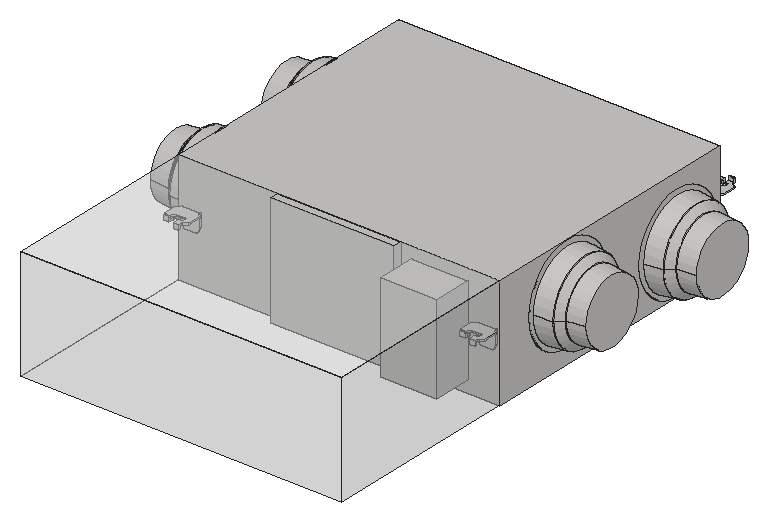
Revit family "outputfile", category 機械設備, Revit 2024
Family settings
  丸型コネクタ寸法 = 半径を使用
  パーツ タイプ = 標準
  OmniClass 番号 = 23.75.10.34.21
  OmniClass タイトル = Heat Exchangers for Ventilation Air
  作業面ベース = いいえ
  常に垂直 = はい
  ロード時にボイドで切り取り = いいえ
  注釈の向きを維持 = いいえ
  共有 = いいえ
  部屋計算ポイント = はい
Parameters (values of type "VAM650HVE")
  Description = ""
  製造元 = "Daikin"
  書き出し IFC クラス(タイプ) = "IfcAirToAirHeatRecoveryType"
  定義済み IFC タイプ(タイプ) = "ROTARYWHEEL"
  Cost = 0
  モデル = "VAM650HVE"
  Type Comments = ""
  Keynote = ""
  Type Image = (empty or 0)
  Assembly Code = ""
  w_maintenacecover = 372.0 mm
  r3_airconnection_top = 98.0 mm
  r2_airconnection_top = 103.0 mm
  r1_airconnection_top = 125.0 mm
  r1_airconnection_bottom = 132.0 mm
  r0_airconnection = 146.0 mm
  lw_powersuply = 182.0 mm
  Voltage_comment_60Hz = "220-240"
  Voltage_comment_50Hz = "220-240"
  Voltage_60Hz = 220 V
  Voltage_50Hz = 220 V
  URL = ""
  Phase_60Hz = 1
  Phase_50Hz = 1
  Minimum External Static Pressure = 108.00 Pa
  Minimum Circuit Amps_60Hz = 2.7 A
  Minimum Circuit Amps_50Hz = 2.7 A
  Maximum Fuse Amps_60Hz = 15.0 A
  Maximum Fuse Amps_50Hz = 15.0 A
  Maximum External Static Pressure = 190.00 Pa
  Material_Casing = DAIKIN_GalvanizedSteel_Casing_indoorunit
  lw_mountinghole_Left = 448.5 mm
  lw_mountinghole = 897.0 mm
  w_controlbox_right = 97.0 mm
  w_controlbox = 170.0 mm
  r_SAduct = SA Duct Size Diameter / 2  # 100.0 mm
  r_RAduct = RA Duct Size Diameter / 2  # 100.0 mm
  r_OAduct = OA Duct Size Diameter / 2  # 100.0 mm
  r_EAduct = EA Duct Size Diameter / 2  # 100.0 mm
  lh_powersuply = 169.0 mm
  lh_mounting = lh_mountinghole + [h***]  # 203.0 mm
  h_controlbox_top = 34.5 mm
  lh_antena = Height - lh_mountinghole + 1.0 mm  # 136.0 mm
  lh_SA = 193.0 mm
  lh_RA = 149.0 mm
  lh_OA = 193.0 mm
  lh_EA = 193.0 mm
  ld_SA = 252.0 mm
  ld_RA = 162.0 mm
  ld_OA = 162.0 mm
  ld_EA = 252.0 mm
  lh_mountinghole = 203.0 mm
  h_controlbox = 269.0 mm
  h*** = 0.0 mm  # constant formula
  d_total_airconnection = d1_airconnection + d2_airconnection + d3_airconnection  # 137.0 mm
  d_maintenacecover = 26.0 mm
  ld_mountinghole = 932.0 mm
  d_controlbox = 117.0 mm
  d3_airconnection = 58.0 mm
  d2_airconnection = 20.0 mm
  d1_airconnection = 59.0 mm
  d0_airconnection = 2.0 mm
  Width = 973.0 mm
  Version = "ver.1.0"
  Unit Type = "Heat Recovery Ventilator"
  Unit Mass Weight = 43.00 kg
  Unit Designation [instance] = ""
  Uniclass2015Version = "Products v1.30"
  Uniclass2015Title = "Thermal wheels"
  Uniclass2015Code = "Pr_60_60_36_88"
  Temperature exchange efficiency (Heating) = 74.50%
  Temperature exchange efficiency (Cooling) = 59.50%
  Supply Air Direction [instance] = yes
  Sound Pressure Level_M speed (dBA) = 36
  Sound Pressure Level_L speed (dBA) = 34
  Sound Pressure Level_H speed (dBA) = 37.5
  Series = "VRV Fan Coil Unit"
  SA Duct Size Diameter = 200.0 mm
  Refrigerant Type = ""
  RA Duct Size Diameter = 200.0 mm
  Option Accessory 3 [instance] = ""
  Option Accessory 2 [instance] = ""
  Option Accessory 1 [instance] = ""
  OA Duct Size Diameter = 200.0 mm
  Nominal Airflow = 650.00 m³/h
  Minimum Airflow = 200.00 m³/h
  Median Airflow = 0.00 m³/h
  Maximum Airflow = 1020.00 m³/h
  Load Classification = HVAC
  Link_Nested Family [instance] = ""
  IfcVersion = "0"
  IfcExportType = "ROTARYWHEEL"
  IfcExportAs = "IfcAirToAirHeatRecoveryType"
  Height = 338.0 mm
  Heating Entering Wet Bulb Temperature [instance] = 0.00 °C
  Heating Entering Dry Bulb Temperature [instance] = 0.00 °C
  Heating Ambient Wet Bulb Temperature [instance] = 0.00 °C
  Heating Ambient Dry Bulb Temperature [instance] = 0.00 °C
  Frequency_60Hz = 60 Hz
  Frequency_50Hz = 50 Hz
  Fan Type = "Sirocco Fan"
  Fan Drive = "Direct Drive"
  FCU Tag No. [instance] = ""
  Enthalpy exchange efficiency (Heating) = 68.00%
  Enthalpy exchange efficiency (Cooling) = 60.00%
  EA Duct Size Diameter = 200.0 mm
  Design Supply Airflow [instance] = 0.00 m³/h
  Design Return Airflow [instance] = 0.00 m³/h
  Design Outdoor Airflow [instance] = 0.00 m³/h
  Design External Static Pressure [instance] = 0.00 Pa
  Design Exhaust Airflow [instance] = 0.00 m³/h
  Depth = 832.0 mm
  既定の高さ = 0.0 mm
  Cooling Entering Wet Bulb Temperature [instance] = 0.00 °C
  Cooling Entering Dry Bulb Temperature [instance] = 0.00 °C
  Cooling Ambient Wet Bulb Temperature [instance] = 0.00 °C
  Cooling Ambient Dry Bulb Temperature [instance] = 0.00 °C
  Clearance visibility [instance] = yes
  Clearance Top = 0.0 mm
  Clearance Right = 0.0 mm
  Clearance Rear = 0.0 mm
  Clearance Left = 0.0 mm
  Clearance Front = 600.0 mm
  Clearance Bottom = 0.0 mm
Reference planes
  plane 1 "Center (Front/Back)": y = 0
  plane 2: z = 0
  plane 3 "Center (Left/Right)": x = 0
  plane 4 "Back": y = 416
  plane 5 "Front": y = -416
  plane 6 "Left": x = -486.5
  plane 7 "Right": x = 486.5
  plane 8 "Top": z = 0
  plane 9 "mountinghole_Left": x = -448.5
  plane 10 "mountinghole_Right": x = 448.5
  plane 11 "mountinghole_Back": y = 466
  plane 12 "mountinghole_Front": y = -466
  plane 13 "Center (Elevation)": z = -169
  plane 14 "h_mountinghole": z = -135
  plane 15 "w_maintenacecover_left": x = -186
  plane 16 "w_maintenacecover_right": x = 186
  plane 17 "Clearance Front": y = -1016
  plane 18 "Clearance Left": x = -486.5
  plane 19 "Clearance Right": x = 486.5
  plane 20 "Clearance Rear": y = 416
  plane 21 "Clearance Top": z = 0
  plane 22 "Clearance Bottom": z = -338
  plane 23 "d_maintenacecover": y = -442
  plane 24 "d_controlbox": y = -533
  plane 25 "w_controlbox_left": x = 219.5
  plane 26 "w_controlbox_right": x = 389.5
  plane 27 "Bottom": z = -338
  plane 28 "h_controlbox_top": z = -34.5
  plane 29 "h_controlbox_bottom": z = -303.5
  plane 30 "lh_OA": z = -145
  plane 31 "lh_EA": z = -145
  plane 32 "lh_SA": z = -145
  plane 33 "lh_RA": z = -189
  plane 34 "ld_EA": y = 164
  plane 35 "ld_OA": y = -254
  plane 36 "ld_RA": y = 254
  plane 37 "ld_SA": y = -164
  plane 38 "lw_powersuply": x = 304.5
  plane 39: z = 59.955
  plane 40 "lh_powersuply": z = -169
Forms (mm)
  Extrusion 1, solid, material "DAIKIN_GalvanizedSteel_Casing_indoorunit" <- "Material_Casing"
    sketch origin (0, 0, 200) x (1, 0, 0) y (0, 1, 0)
      loop
        line (-486.5, 416) -> (-486.5, -416) -> (486.5, -416) -> (486.5, 416) -> (-486.5, 416)
    from -538 to -200
  Extrusion 2, solid, material "DAIKIN_GalvanizedSteel_Casing_indoorunit" <- "Material_Casing"
    sketch origin (0, 0, 0) x (1, 0, 0) y (0, 1, 0)
      loop
        line (-186, -416) -> (-186, -442) -> (186, -442) -> (186, -416) -> (-186, -416)
    from -338 to 0
  Extrusion 3, solid, material "DAIKIN_GalvanizedSteel_Casing_indoorunit" <- "Material_Casing"
    sketch origin (0, 0, 0) x (1, 0, 0) y (0, 1, 0)
      loop
        line (219.5, -416) -> (219.5, -533) -> (389.5, -533) -> (389.5, -416) -> (219.5, -416)
    from -303.5 to -34.5
Dimensions and locks
  equal spacing: plane 6 "Left", plane 3 "Center (Left/Right)", plane 7 "Right"
  "Width": plane 6 "Left" to plane 7 "Right"
  equal spacing: plane 4 "Back", plane 1 "Center (Front/Back)", plane 5 "Front"
  "Depth": plane 4 "Back" to plane 5 "Front"
  "lw_mountinghole": plane 9 "mountinghole_Left" to plane 10 "mountinghole_Right"
  equal spacing: plane 11 "mountinghole_Back", plane 1 "Center (Front/Back)", plane 12 "mountinghole_Front"
  "ld_mountinghole": plane 11 "mountinghole_Back" to plane 12 "mountinghole_Front"
  "Clearance Front": plane 5 "Front" to plane 17 "Clearance Front"
  "Clearance Left": plane 18 "Clearance Left" to plane 6 "Left"
  "Clearance Right": plane 7 "Right" to plane 19 "Clearance Right"
  "Clearance Rear": plane 4 "Back" to plane 20 "Clearance Rear"
  "w_controlbox_right": plane 26 "w_controlbox_right" to plane 7 "Right"
  "w_controlbox": plane 25 "w_controlbox_left" to plane 26 "w_controlbox_right"
  equal spacing: plane 15 "w_maintenacecover_left", plane 3 "Center (Left/Right)", plane 16 "w_maintenacecover_right"
  "w_maintenacecover": plane 15 "w_maintenacecover_left" to plane 16 "w_maintenacecover_right"
  "lh_mountinghole": plane 14 "h_mountinghole" to plane 27 "Bottom"
  "Height": plane 8 "Top" to plane 27 "Bottom"
  equal spacing: plane 8 "Top", plane 13 "Center (Elevation)", plane 27 "Bottom"
  "Clearance Top": plane 21 "Clearance Top" to plane 8 "Top"
  "Clearance Bottom": plane 27 "Bottom" to plane 22 "Clearance Bottom"
  "h_controlbox": plane 28 "h_controlbox_top" to plane 29 "h_controlbox_bottom"
  "d_controlbox": plane 5 "Front" to plane 24 "d_controlbox"
  "d_maintenacecover": plane 5 "Front" to plane 23 "d_maintenacecover"
  "lh_SA": plane 32 "lh_SA" to plane 27 "Bottom"
  "lh_RA": plane 33 "lh_RA" to plane 27 "Bottom"
  "ld_OA": plane 35 "ld_OA" to plane 5 "Front"
  "ld_EA": plane 4 "Back" to plane 34 "ld_EA"
  "ld_RA": plane 4 "Back" to plane 36 "ld_RA"
  "ld_SA": plane 37 "ld_SA" to plane 5 "Front"
  "lh_EA": plane 31 "lh_EA" to plane 27 "Bottom"
  "lh_OA": plane 30 "lh_OA" to plane 27 "Bottom"
  "h_controlbox_top": plane 8 "Top" to plane 28 "h_controlbox_top"
  "lw_mountinghole_Left": plane 9 "mountinghole_Left" to plane 3 "Center (Left/Right)"
  plane 3 "Center (Left/Right)" to plane 10 "mountinghole_Right" = 448.5 mm
  "lw_powersuply": plane 38 "lw_powersuply" to plane 7 "Right"
  "lh_powersuply": plane 40 "lh_powersuply" to plane 27 "Bottom"
  aligned and locked: level to plane 2
  aligned and locked: Extrusion 1 sketch curve to plane 4 "Back"
  aligned and locked: plane 6 "Left" to Extrusion 1 sketch curve
  aligned and locked: plane 5 "Front" to Extrusion 1 sketch curve
  aligned and locked: Extrusion 1 sketch curve to plane 7 "Right"
  aligned and locked: plane 8 "Top" to Extrusion 1
  aligned and locked: nested 1 to plane 10 "mountinghole_Right"
  aligned and locked: nested 1 to plane 5 "Front"
  aligned and locked: nested 2 to plane 9 "mountinghole_Left"
  aligned and locked: nested 2 to plane 5 "Front"
  aligned and locked: plane 4 "Back" to nested 3
  aligned and locked: plane 10 "mountinghole_Right" to nested 3
  aligned and locked: nested 4 to plane 9 "mountinghole_Left"
  aligned and locked: plane 4 "Back" to nested 4
  aligned and locked: nested 6 to plane 10 "mountinghole_Right"
  aligned and locked: nested 6 to plane 11 "mountinghole_Back"
  aligned and locked: plane 9 "mountinghole_Left" to nested 7
  aligned and locked: nested 7 to plane 11 "mountinghole_Back"
  aligned and locked: nested 8 to plane 9 "mountinghole_Left"
  aligned and locked: plane 12 "mountinghole_Front" to nested 8
  aligned and locked: plane 12 "mountinghole_Front" to nested 9
  aligned and locked: nested 9 to plane 10 "mountinghole_Right"
  aligned and locked: plane 14 "h_mountinghole" to nested 3
  aligned and locked: plane 14 "h_mountinghole" to nested 1
  aligned and locked: plane 14 "h_mountinghole" to nested 4
  aligned and locked: plane 14 "h_mountinghole" to nested 2
  aligned and locked: nested 5 to plane 17 "Clearance Front"
  aligned and locked: nested 5 to plane 18 "Clearance Left"
  aligned and locked: nested 5 to plane 19 "Clearance Right"
  aligned and locked: nested 5 to plane 20 "Clearance Rear"
  aligned and locked: nested 5 to plane 22 "Clearance Bottom"
  aligned and locked: nested 5 to plane 21 "Clearance Top"
  aligned and locked: plane 27 "Bottom" to Extrusion 1
  aligned and locked: plane 23 "d_maintenacecover" to Extrusion 2 sketch curve
  aligned and locked: plane 16 "w_maintenacecover_right" to Extrusion 2 sketch curve
  aligned and locked: plane 15 "w_maintenacecover_left" to Extrusion 2 sketch curve
  aligned and locked: Extrusion 2 sketch curve to plane 5 "Front"
  aligned and locked: plane 8 "Top" to Extrusion 2
  aligned and locked: Extrusion 2 to plane 27 "Bottom"
  aligned and locked: plane 24 "d_controlbox" to Extrusion 3 sketch curve
  aligned and locked: plane 25 "w_controlbox_left" to Extrusion 3 sketch curve
  aligned and locked: Extrusion 3 sketch curve to plane 5 "Front"
  aligned and locked: Extrusion 3 sketch curve to plane 26 "w_controlbox_right"
  aligned and locked: plane 28 "h_controlbox_top" to Extrusion 3
  aligned and locked: plane 29 "h_controlbox_bottom" to Extrusion 3
  aligned and locked: nested 10 to plane 34 "ld_EA"
  aligned and locked: nested 10 to plane 6 "Left"
  aligned and locked: nested 11 to plane 35 "ld_OA"
  aligned and locked: nested 11 to plane 6 "Left"
  aligned and locked: plane 36 "ld_RA" to nested 12
  aligned and locked: plane 7 "Right" to nested 12
  aligned and locked: plane 37 "ld_SA" to nested 13
  aligned and locked: plane 7 "Right" to nested 13
  aligned and locked: plane 32 "lh_SA" to nested 13
  aligned and locked: plane 33 "lh_RA" to nested 12
  aligned and locked: plane 30 "lh_OA" to nested 11
  aligned and locked: plane 31 "lh_EA" to nested 10
  aligned and locked: plane 37 "ld_SA" to nested 15
  aligned and locked: plane 7 "Right" to nested 15
  aligned and locked: plane 36 "ld_RA" to nested 16
  aligned and locked: plane 7 "Right" to nested 16
  aligned and locked: nested 18 to plane 34 "ld_EA"
  aligned and locked: nested 17 to plane 35 "ld_OA"
  aligned and locked: nested 18 to plane 6 "Left"
  aligned and locked: nested 17 to plane 6 "Left"
  aligned and locked: plane 31 "lh_EA" to nested 17
  aligned and locked: nested 18 to plane 31 "lh_EA"
  aligned and locked: nested 16 to plane 33 "lh_RA"
  aligned and locked: nested 15 to plane 32 "lh_SA"
  aligned and locked: plane 37 "ld_SA" to nested 14
  aligned and locked: nested 19 to plane 38 "lw_powersuply"
  aligned and locked: nested 19 to plane 5 "Front"
  aligned and locked: plane 40 "lh_powersuply" to nested 19
  aligned and locked: level to plane 8 "Top"
Nested families
  nested 1: "daikin_hangerfixture_VAM-HVE_150-1000" at (448.5, -416, -135), type "daikin_hangerfixture_VAM-HVE_150-1000"
  nested 2: "daikin_hangerfixture_VAM-HVE_150-1000" at (-448.5, -416, -135), type "daikin_hangerfixture_VAM-HVE_150-1000"
  nested 3: "daikin_hangerfixture_VAM-HVE_150-1000" at (448.5, 416, -135) x (-1, 0, 0) z (0, 0, 1), type "daikin_hangerfixture_VAM-HVE_150-1000"
  nested 4: "daikin_hangerfixture_VAM-HVE_150-1000" at (-448.5, 416, -135) x (-1, 0, 0) z (0, 0, 1), type "daikin_hangerfixture_VAM-HVE_150-1000"
  nested 5: "daikin_clearancespace" at (0, -300, -168.881), visible <- "Clearance visibility", show <- "Clearance visibility", Link_Nested Family <- "Link_Nested Family", type "daikin_clearancespace"
    with width 973.0 mm, show yes, height 338.0 mm, depth 1432.0 mm, Link_Nested Family ""
  nested 6: "daikin_mountinghole" at (448.5, 466, -338), l_antenna <- "lh_antena", Link_Nested Family <- "Link_Nested Family", h_mountinghole <- "lh_mounting", type "daikin_mountinghole"
    with show yes, l_antenna 136.0 mm, h_mountinghole 203.0 mm, Link_Nested Family ""
  nested 7: "daikin_mountinghole" at (-448.5, 466, -338), l_antenna <- "lh_antena", Link_Nested Family <- "Link_Nested Family", h_mountinghole <- "lh_mounting", type "daikin_mountinghole"
    with show yes, l_antenna 136.0 mm, h_mountinghole 203.0 mm, Link_Nested Family ""
  nested 8: "daikin_mountinghole" at (-448.5, -466, -338), l_antenna <- "lh_antena", Link_Nested Family <- "Link_Nested Family", h_mountinghole <- "lh_mounting", type "daikin_mountinghole"
    with show yes, l_antenna 136.0 mm, h_mountinghole 203.0 mm, Link_Nested Family ""
  nested 9: "daikin_mountinghole" at (448.5, -466, -338), l_antenna <- "lh_antena", Link_Nested Family <- "Link_Nested Family", h_mountinghole <- "lh_mounting", type "daikin_mountinghole"
    with show yes, l_antenna 136.0 mm, h_mountinghole 203.0 mm, Link_Nested Family ""
  nested 10: "daikin_airconnection_VAM-HVE_150-1000" at (-486.5, 164, -145) x (0, -1, 0) z (0, 0, 1), d0 <- "d0_airconnection", d1 <- "d1_airconnection", d2 <- "d2_airconnection", d3 <- "d3_airconnection", r0 <- "r0_airconnection", r1_bottom <- "r1_airconnection_bottom", r1_top <- "r1_airconnection_top", r2_top <- "r2_airconnection_top", r3_top <- "r3_airconnection_top", type "daikin_airconnection_VAM-HVE_150-1000"
    with r3_top 98.0 mm, r3_bottom 103.0 mm, r2_top 103.0 mm, r2_bottom 125.0 mm, r1_top 125.0 mm, r1_bottom 132.0 mm, r0 146.0 mm, d_total 137.0 mm, d3 58.0 mm, d2 20.0 mm, d1 59.0 mm, d0 2.0 mm
  nested 11: "daikin_airconnection_VAM-HVE_150-1000" at (-486.5, -254, -145) x (0, -1, 0) z (0, 0, 1), d0 <- "d0_airconnection", d1 <- "d1_airconnection", d2 <- "d2_airconnection", d3 <- "d3_airconnection", r0 <- "r0_airconnection", r1_bottom <- "r1_airconnection_bottom", r1_top <- "r1_airconnection_top", r2_top <- "r2_airconnection_top", r3_top <- "r3_airconnection_top", type "daikin_airconnection_VAM-HVE_150-1000"
    with r3_top 98.0 mm, r3_bottom 103.0 mm, r2_top 103.0 mm, r2_bottom 125.0 mm, r1_top 125.0 mm, r1_bottom 132.0 mm, r0 146.0 mm, d_total 137.0 mm, d3 58.0 mm, d2 20.0 mm, d1 59.0 mm, d0 2.0 mm
  nested 12: "daikin_airconnection_VAM-HVE_150-1000" at (486.5, 254, -189) x (0, 1, 0) z (0, 0, 1), d0 <- "d0_airconnection", d1 <- "d1_airconnection", d2 <- "d2_airconnection", d3 <- "d3_airconnection", r0 <- "r0_airconnection", r1_bottom <- "r1_airconnection_bottom", r1_top <- "r1_airconnection_top", r2_top <- "r2_airconnection_top", r3_top <- "r3_airconnection_top", type "daikin_airconnection_VAM-HVE_150-1000"
    with r3_top 98.0 mm, r3_bottom 103.0 mm, r2_top 103.0 mm, r2_bottom 125.0 mm, r1_top 125.0 mm, r1_bottom 132.0 mm, r0 146.0 mm, d_total 137.0 mm, d3 58.0 mm, d2 20.0 mm, d1 59.0 mm, d0 2.0 mm
  nested 13: "daikin_airconnection_VAM-HVE_150-1000" at (486.5, -164, -145) x (0, 1, 0) z (0, 0, 1), d0 <- "d0_airconnection", d1 <- "d1_airconnection", d2 <- "d2_airconnection", d3 <- "d3_airconnection", r0 <- "r0_airconnection", r1_bottom <- "r1_airconnection_bottom", r1_top <- "r1_airconnection_top", r2_top <- "r2_airconnection_top", r3_top <- "r3_airconnection_top", type "daikin_airconnection_VAM-HVE_150-1000"
    with r3_top 98.0 mm, r3_bottom 103.0 mm, r2_top 103.0 mm, r2_bottom 125.0 mm, r1_top 125.0 mm, r1_bottom 132.0 mm, r0 146.0 mm, d_total 137.0 mm, d3 58.0 mm, d2 20.0 mm, d1 59.0 mm, d0 2.0 mm
  nested 14: "daikin_△_symbolicline" at (0, -164, 338) x (0, 1, 0) z (0, 0, 1), built-in parameter 1001360 <- "Height", visible <- "Supply Air Direction", type "daikin_△_symbolicline"
    with length 300.0 mm
  nested 15: "daikin_connector_rotate2" at (486.5, -164, -145) x (0, 1, 0) z (0, 0, 1), length <- "d_total_airconnection", radius <- "r_SAduct", type "daikin_connector_rotate2"
    with radius 100.0 mm, length 137.0 mm, angle_vertical 90.00°, show_face no
  nested 16: "daikin_connector_rotate2" at (486.5, 254, -189) x (0, 1, 0) z (0, 0, 1), length <- "d_total_airconnection", radius <- "r_RAduct", type "daikin_connector_rotate2"
    with radius 100.0 mm, length 137.0 mm, angle_vertical 90.00°, show_face no
  nested 17: "daikin_connector_rotate2" at (-486.5, -254, -145) x (0, -1, 0) z (0, 0, 1), length <- "d_total_airconnection", radius <- "r_OAduct", type "daikin_connector_rotate2"
    with radius 100.0 mm, length 137.0 mm, angle_vertical 90.00°, show_face no
  nested 18: "daikin_connector_rotate2" at (-486.5, 164, -145) x (0, -1, 0) z (0, 0, 1), length <- "d_total_airconnection", radius <- "r_EAduct", type "daikin_connector_rotate2"
    with radius 100.0 mm, length 137.0 mm, angle_vertical 90.00°, show_face no
  nested 19: "daikin_connector_rotate2" at (304.5, -416, -169), length <- "d_controlbox", type "daikin_connector_rotate2"
    with radius 10.0 mm, length 117.0 mm, angle_vertical 90.00°, show_face no
Connectors
  hvac at (-623.5, 164, -145), driven by "r_EAduct"
    settings: on nested 18, index 1, duct flow 0.00 m³/h, flow factor 0, pres drop 0.00 Pa, loss coef 0, conn angle 0.00°, conn width 304.8 mm, conn height 304.8 mm, conn diameter 200.0 mm, duct sys type 3, conn prof type 0, flow config 0, flow direction 2, loss method 4, conn ref index -1, conn util no, is conn primary no, conn desc "EA Duct"
  hvac at (-623.5, -254, -145), driven by "r_OAduct"
    settings: on nested 17, index 2, duct flow 0.00 m³/h, flow factor 0, pres drop 0.00 Pa, loss coef 0, conn angle 0.00°, conn width 304.8 mm, conn height 304.8 mm, conn diameter 200.0 mm, duct sys type 1, conn prof type 0, flow config 0, flow direction 1, loss method 4, conn ref index -1, conn util no, is conn primary no, conn desc "OA Duct"
  hvac at (623.5, 254, -189), driven by "r_RAduct"
    settings: on nested 16, index 3, duct flow 0.00 m³/h, flow factor 0, pres drop 0.00 Pa, loss coef 0, conn angle 0.00°, conn width 304.8 mm, conn height 304.8 mm, conn diameter 200.0 mm, duct sys type 2, conn prof type 0, flow config 0, flow direction 1, loss method 4, conn ref index -1, conn util no, is conn primary no, conn desc "RA Duct"
  hvac at (623.5, -164, -145), driven by "r_SAduct"
    settings: on nested 15, index 4, duct flow 0.00 m³/h, flow factor 0, pres drop 0.00 Pa, loss coef 0, conn angle 0.00°, conn width 304.8 mm, conn height 304.8 mm, conn diameter 200.0 mm, duct sys type 1, conn prof type 0, flow config 0, flow direction 2, loss method 4, conn ref index -1, conn util no, is conn primary yes, conn desc "SA Duct"
  electrical at (304.5, -533, -169), driven by "Load Classification"
    settings: on nested 19, index 6, voltage 0 V, apparent load 0 VA, apparent load phase1 0 VA, apparent load phase2 0 VA, apparent load phase3 0 VA, power factor 1, load classification "HVAC", number of poles 1, system type 30, power factor state 1, is connector primary yes, connector utility no, sub classification motor no, connector description "Power Supply"
Definition of nested family "daikin_hangerfixture_VAM-HVE_150-1000"
  Parameters (values of type "daikin_hangerfixture_VAM")
    width = 76.0 mm
    material = none
    height = 0.0 mm
    depth = 75.0 mm
    Default Elevation = 0.0 mm
  Reference planes
    plane 1 "Center (Front/Back)": y = 0
    plane 2: z = 0
    plane 3 "Center (Left/Right)": x = 0
    plane 4: y = -75
    plane 5: x = -38
    plane 6: x = 38
    plane 7: z = -3.2
    plane 8: z = -57
    plane 9: x = -28
    plane 10: x = 28
    plane 11: y = -3.2
    plane 12: z = 11.8
    plane 13: z = -15
    plane 14: y = -71.8
    plane 15: y = -50
  Forms (mm)
    Extrusion 1, solid, material <- "material"
      sketch origin (0, 0, 0) x (1, 0, 0) y (0, 1, 0)
        loop
          line (-28, 0) -> (-28, -5)
          arc (-28, -5) -> (-29.464, -8.536) -> (-33, -10) r 5
          arc (-33, -10) -> (-36.536, -11.464) -> (-38, -15) r 5
          line (-38, -15) -> (-38, -52.597)
          arc (-38, -52.597) -> (-37.507, -54.763) -> (-36.123, -56.501) r 5
          line (-36.123, -56.501) -> (-24.877, -65.499)
          arc (-24.877, -65.499) -> (-23.493, -67.237) -> (-23, -69.403) r 5
          line (-23, -69.403) -> (-23, -75) -> (-7, -75) -> (-7, -60)
          arc (-7, -60) -> (-7.879, -57.879) -> (-10, -57) r 3
          line (-10, -57) -> (-13, -57)
          arc (-13, -57) -> (-20, -50) -> (-13, -43) r 7
          line (-13, -43) -> (13, -43)
          arc (13, -43) -> (20, -50) -> (13, -57) r 7
          line (13, -57) -> (10, -57)
          arc (10, -57) -> (7.879, -57.879) -> (7, -60) r 3
          line (7, -60) -> (7, -75) -> (23, -75) -> (23, -69.403)
          arc (23, -69.403) -> (23.493, -67.237) -> (24.877, -65.499) r 5
          line (24.877, -65.499) -> (36.123, -56.501)
          arc (36.123, -56.501) -> (37.507, -54.763) -> (38, -52.597) r 5
          line (38, -52.597) -> (38, -15)
          arc (38, -15) -> (36.536, -11.464) -> (33, -10) r 5
          arc (33, -10) -> (29.464, -8.536) -> (28, -5) r 5
          line (28, -5) -> (28, 0) -> (-28, 0)
      from 0 to -3.2
    Extrusion 2, solid, material <- "material"
      sketch origin (0, 0, 0) x (1, 0, 0) y (0, 0, 1)
        loop
          line (28, 0) -> (-28, 0) -> (-28, -38.882)
          arc (-28, -38.882) -> (-27.88, -39.973) -> (-27.524, -41.011) r 5
          line (-27.524, -41.011) -> (-21.351, -54.129)
          arc (-21.351, -54.129) -> (-19.506, -56.222) -> (-16.827, -57) r 5
          line (-16.827, -57) -> (16.827, -57)
          arc (16.827, -57) -> (19.506, -56.222) -> (21.351, -54.129) r 5
          line (21.351, -54.129) -> (27.524, -41.011)
          arc (27.524, -41.011) -> (27.88, -39.973) -> (28, -38.882) r 5
          line (28, -38.882) -> (28, 0)
      from 0 to 3.2
    Extrusion 3, solid, material <- "material"
      sketch origin (0, 0, 0) x (1, 0, 0) y (0, 0, 1)
        loop
          line (-23, -3.2) -> (-7, -3.2) -> (-7, 8.8)
          arc (-7, 8.8) -> (-7.879, 10.921) -> (-10, 11.8) r 3
          line (-10, 11.8) -> (-20, 11.8)
          arc (-20, 11.8) -> (-22.121, 10.921) -> (-23, 8.8) r 3
          line (-23, 8.8) -> (-23, -3.2)
        loop
          line (7, 0) -> (7, -12)
          arc (7, -12) -> (7.879, -14.121) -> (10, -15) r 3
          line (10, -15) -> (20, -15)
          arc (20, -15) -> (22.121, -14.121) -> (23, -12) r 3
          line (23, -12) -> (23, 0) -> (7, 0)
      from 71.8 to 75
  Cuts and joins
    joined: Extrusion 1, Extrusion 2, Extrusion 3
  Dimensions and locks
    "depth": plane 4 to plane 1 "Center (Front/Back)"
    equal spacing: plane 5, plane 3 "Center (Left/Right)", plane 6
    "width": plane 5 to plane 6
    plane 2 to plane 7 = 3.2 mm
    locked: plane 2 to plane 8 at 57
    locked: plane 9 to plane 10 at 56
    equal spacing: plane 9, plane 3 "Center (Left/Right)", plane 10
    locked: plane 11 to plane 1 "Center (Front/Back)" at 3.2
    locked: plane 12 to plane 7 at 15
    locked: plane 2 to plane 13 at 15
    plane 14 to plane 4 = 3.2 mm
    aligned and locked: level to plane 2
    aligned and locked: plane 1 "Center (Front/Back)" to Extrusion 1 sketch curve
    aligned and locked: plane 4 to Extrusion 1 sketch curve  (x2)
    aligned and locked: Extrusion 1 to plane 5
    aligned and locked: plane 6 to Extrusion 1
    aligned and locked: Extrusion 1 to plane 7
    aligned and locked: Extrusion 2 sketch curve to plane 2
    aligned and locked: Extrusion 2 to plane 8
    aligned and locked: plane 9 to Extrusion 2
    aligned and locked: Extrusion 2 to plane 10
    aligned and locked: Extrusion 2 to plane 1 "Center (Front/Back)"
    aligned and locked: Extrusion 2 to plane 11
    aligned and locked: Extrusion 3 sketch curve to plane 7
    aligned and locked: Extrusion 3 sketch curve to plane 2
    aligned and locked: Extrusion 3 to plane 12
    aligned and locked: Extrusion 3 to plane 13
    aligned and locked: Extrusion 3 to plane 4
    aligned and locked: plane 14 to Extrusion 3
  Automatic sketch dimensions
    plane 3 "Center (Left/Right)" to Extrusion 1 sketch curve = 28.0 mm
    plane 1 "Center (Front/Back)" to Extrusion 1 sketch curve = 5.0 mm
    Extrusion 1 sketch curve to Extrusion 1 sketch curve = 5.0 mm  (x8)
    plane 4 to Extrusion 1 sketch curve = 22.403 mm
    Extrusion 1 sketch curve to Extrusion 1 sketch curve = 1.877 mm  (x2)
    plane 4 to Extrusion 1 sketch curve = 9.501 mm
    Extrusion 1 sketch curve to Extrusion 1 sketch curve = 11.247 mm  (x2)
    Extrusion 1 sketch curve to Extrusion 1 sketch curve = 3.123 mm  (x2)
    Extrusion 1 sketch curve to Extrusion 1 sketch curve = 3.904 mm  (x2)
    plane 3 "Center (Left/Right)" to Extrusion 1 sketch curve = 7.0 mm
    plane 4 to Extrusion 1 sketch curve = 15.0 mm
    Extrusion 1 sketch curve to Extrusion 1 sketch curve = 3.0 mm  (x4)
    Extrusion 1 sketch curve to Extrusion 1 sketch curve = 7.0 mm  (x2)
    Extrusion 1 sketch curve to plane 3 "Center (Left/Right)" = 13.0 mm
    Extrusion 1 sketch curve to Extrusion 1 sketch curve = 16.0 mm
    plane 4 to Extrusion 1 sketch curve = 5.597 mm
    Extrusion 1 sketch curve to Extrusion 1 sketch curve = 8.998 mm
    plane 1 "Center (Front/Back)" to Extrusion 1 sketch curve = 15.0 mm
    plane 5 to Extrusion 2 sketch curve = 10.0 mm
    Extrusion 2 sketch curve to Extrusion 2 sketch curve = 0.476 mm  (x2)
    Extrusion 2 sketch curve to Extrusion 2 sketch curve = 4.524 mm  (x4)
    Extrusion 2 sketch curve to Extrusion 2 sketch curve = 6.173 mm  (x2)
    plane 3 "Center (Left/Right)" to Extrusion 2 sketch curve = 16.827 mm
    Extrusion 2 sketch curve to plane 7 = 35.682 mm  (x2)
    Extrusion 2 sketch curve to Extrusion 2 sketch curve = 13.118 mm  (x2)
    Extrusion 2 sketch curve to Extrusion 2 sketch curve = 2.129 mm
    Extrusion 3 sketch curve to plane 9 = 5.0 mm
    Extrusion 3 sketch curve to Extrusion 3 sketch curve = 3.0 mm  (x4)
    Extrusion 3 sketch curve to Extrusion 3 sketch curve = 10.0 mm
    plane 3 "Center (Left/Right)" to Extrusion 3 sketch curve = 7.0 mm
    plane 10 to Extrusion 3 sketch curve = 8.0 mm
    Extrusion 3 sketch curve to plane 7 = 8.8 mm
    level to Extrusion 3 sketch curve = 8.8 mm
Definition of nested family "daikin_clearancespace"
  Parameters (values of type "daikin_clearancespace")
    width [instance] = 1823.963 mm
    show [instance] = yes
    material = none
    height [instance] = 1359.762 mm
    depth [instance] = 880.0 mm
    Default Elevation = 0.0 mm
    Link_Nested Family [instance] = ""
  Reference planes
    plane 1 "Center (Front/Back)": y = 0
    plane 2 "Center (Elevation)": z = -0.119
    plane 3 "Center (Left/Right)": x = 0
    plane 4: y = 440
    plane 5: y = -440
    plane 6 "Right": x = 911.982
    plane 7 "Left": x = -911.982
    plane 8 "Top": z = 679.762
    plane 9 "Bottom": z = -680
  Forms (mm)
    Extrusion 1, solid, material <- "material", visible <- "show"
      sketch origin (0, 0, 0) x (1, 0, 0) y (0, 1, 0)
        loop
          line (-911.982, 440) -> (-911.982, -440) -> (911.982, -440) -> (911.982, 440) -> (-911.982, 440)
      from -680 to 679.762
  Lines and regions (mm)
    symbolic lines, visible <- "show"
      curve 1: line (911.982, 440, 0) -> (-911.982, 440, 0)
      curve 2: line (-911.982, 440, 0) -> (-911.982, -440, 0)
      curve 3: line (-911.982, -440, 0) -> (911.982, -440, 0)
      curve 4: line (911.982, -440, 0) -> (911.982, 440, 0)
      curve 5: line (911.982, 0, 679.762) -> (-911.982, 0, 679.762)
      curve 6: line (911.982, 0, -680) -> (911.982, 0, 679.762)
      curve 7: line (-911.982, 0, -680) -> (911.982, 0, -680)
      curve 8: line (-911.982, 0, 679.762) -> (-911.982, 0, -680)
      curve 9: line (0, 440, 679.762) -> (0, -440, 679.762)
      curve 10: line (0, -440, 679.762) -> (0, -440, -680)
      curve 11: line (0, 440, -680) -> (0, 440, 679.762)
      curve 12: line (0, -440, -680) -> (0, 440, -680)
  Dimensions and locks
    "width": plane 7 "Left" to plane 6 "Right"
    "depth": plane 4 to plane 5
    "height": plane 8 "Top" to plane 9 "Bottom"
    equal spacing: plane 7 "Left", plane 3 "Center (Left/Right)", plane 6 "Right"
    equal spacing: plane 4, plane 1 "Center (Front/Back)", plane 5
    equal spacing: plane 8 "Top", plane 2 "Center (Elevation)", plane 9 "Bottom"
    aligned and locked: level to plane 2 "Center (Elevation)"
    aligned and locked: Extrusion 1 sketch curve to plane 4
    aligned and locked: plane 7 "Left" to Extrusion 1 sketch curve
    aligned and locked: Extrusion 1 sketch curve to plane 5
    aligned and locked: Extrusion 1 sketch curve to plane 6 "Right"
    aligned and locked: plane 8 "Top" to Extrusion 1
    aligned and locked: curve 1 to Extrusion 1
    aligned and locked: curve 2 to Extrusion 1
    aligned and locked: curve 3 to Extrusion 1
    aligned and locked: curve 4 to Extrusion 1
    aligned and locked: curve 5 to Extrusion 1
    aligned and locked: curve 6 to Extrusion 1
    aligned and locked: curve 7 to Extrusion 1
    aligned and locked: curve 8 to Extrusion 1
    aligned and locked: curve 9 to Extrusion 1
    aligned and locked: curve 10 to Extrusion 1
    aligned and locked: curve 11 to Extrusion 1
    aligned and locked: curve 12 to Extrusion 1
    aligned and locked: Extrusion 1 to plane 9 "Bottom"
Definition of nested family "daikin_airconnection_VAM-HVE_150-1000"
  Parameters (values of type "daikin_airconnection_VAM")
    width = 0.0 mm
    r3_top [instance] = 48.5 mm
    r3_bottom [instance] = r2_top  # 53.1 mm
    r2_top [instance] = 53.1 mm
    r2_bottom [instance] = r1_top  # 100.0 mm
    r1_top [instance] = 100.0 mm
    r1_bottom [instance] = 107.1 mm
    r0 [instance] = 121.0 mm
    material = none
    height = 0.0 mm
    depth = 0.0 mm
    d_total [instance] = d3 + d2 + d1  # 145.0 mm
    d3 [instance] = 38.5 mm
    d2 [instance] = 46.5 mm
    d1 [instance] = 60.0 mm
    d0 [instance] = 1.8 mm
    Default Elevation = 0.0 mm
  Reference planes
    plane 1 "Center (Front/Back)": y = 0
    plane 2 "Center (Elevation)": z = 0
    plane 3 "Center (Left/Right)": x = 0
    plane 4 "d1": y = -60
    plane 5 "d2": y = -106.5
    plane 6 "d3": y = -145
    plane 7 "d0": y = -1.8
  Forms (mm)
    Blend 1, solid, material <- "material"
      base sketch origin (0, 0, 0) x (1, 0, 0) y (0, 0, 1)
        loop
          circle (0, 0) r 107.1
      top sketch origin (0, 0, 0) x (1, 0, 0) y (0, 0, 1)
        loop
          circle (0, 0) r 100
      from 1.8 to 60
    Blend 2, solid, material <- "material"
      base sketch origin (0, 0, 0) x (1, 0, 0) y (0, 0, 1)
        loop
          circle (0, 0) r 100
      top sketch origin (0, 0, 0) x (1, 0, 0) y (0, 0, 1)
        loop
          circle (0, 0) r 53.1
      from 60 to 106.5
    Blend 3, solid, material <- "material"
      base sketch origin (0, 0, 0) x (1, 0, 0) y (0, 0, 1)
        loop
          circle (0, 0) r 53.1
      top sketch origin (0, 0, 0) x (1, 0, 0) y (0, 0, 1)
        loop
          circle (0, 0) r 48.5
      from 106.5 to 145
    Extrusion 4, solid, material <- "material"
      sketch origin (0, 0, 0) x (1, 0, 0) y (0, 0, 1)
        loop
          circle (0, 0) r 121
      from 0 to 1.8
  Dimensions and locks
    "d1": plane 4 "d1" to plane 1 "Center (Front/Back)"
    "d2": plane 4 "d1" to plane 5 "d2"
    "d3": plane 5 "d2" to plane 6 "d3"
    "d0": plane 7 "d0" to plane 1 "Center (Front/Back)"
    "r1_bottom": radius of Blend 1 sketch curve
    "r1_top": radius of Blend 1 sketch curve
    "r2_bottom": radius of Blend 2 sketch curve
    "r2_top": radius of Blend 2 sketch curve
    "r3_bottom": radius of Blend 3 sketch curve
    "r3_top": radius of Blend 3 sketch curve
    "r0": radius of Extrusion 4 sketch curve
    aligned and locked: level to plane 2 "Center (Elevation)"
    aligned and locked: plane 2 "Center (Elevation)" to Blend 1 sketch curve  (x2)
    aligned and locked: plane 3 "Center (Left/Right)" to Blend 1 sketch curve  (x2)
    aligned and locked: Blend 1 to plane 4 "d1"
    aligned and locked: plane 2 "Center (Elevation)" to Blend 2 sketch curve  (x2)
    aligned and locked: plane 3 "Center (Left/Right)" to Blend 2 sketch curve  (x2)
    aligned and locked: plane 4 "d1" to Blend 2
    aligned and locked: Blend 2 to plane 5 "d2"
    aligned and locked: plane 3 "Center (Left/Right)" to Blend 3 sketch curve  (x2)
    aligned and locked: plane 2 "Center (Elevation)" to Blend 3 sketch curve  (x2)
    aligned and locked: plane 5 "d2" to Blend 3
    aligned and locked: Blend 3 to plane 6 "d3"
    aligned and locked: Extrusion 4 to plane 7 "d0"
    aligned and locked: plane 7 "d0" to Blend 1
  Automatic sketch dimensions
    Extrusion 4 sketch curve to level = 0.0 mm
    Extrusion 4 sketch curve to plane 3 "Center (Left/Right)" = 0.0 mm
Definition of nested family "daikin_mountinghole"
  Parameters (values of type "daikin_mountinghole")
    Default Elevation = 1219.2 mm
    Type Comments = "mountinghole"
    show [instance] = yes
    material = none
    l_centerline = 100.0 mm
    l_antenna [instance] = 100.0 mm
    h_mountinghole [instance] = 0.0 mm
    d_circle = 30.0 mm
    Link_Nested Family [instance] = ""
  Reference planes
    plane 1 "Center (Front/Back)": y = 0
    plane 2: z = 0
    plane 3 "Center (Left/Right)": x = 0
    plane 4: y = 50
    plane 5: x = -50
    plane 6: x = 50
    plane 7: y = -50
    plane 8 "h_mountinghole": z = 0
    plane 9: z = 100
  Lines and regions (mm)
    model lines, detail levels fine
      curve 1: circle (0, 0, 0) r 15 normal (0, 0, 1)
      curve 2: line (-50, 0, 0) -> (50, 0, 0)
      curve 3: line (0, 50, 0) -> (0, -50, 0)
    symbolic lines, detail levels fine
      curve 4: circle (0, 0, 0) r 15 normal (0, 0, 1)
      curve 5: line (-50, 0, 0) -> (50, 0, 0)
      curve 6: line (0, 50, 0) -> (0, -50, 0)
    model lines
      curve 7: line (0, 0, 100) -> (0, 0, 0)
  Dimensions and locks
    equal spacing: plane 4, plane 1 "Center (Front/Back)", plane 7
    "l_centerline": plane 4 to plane 7
    equal spacing: plane 5, plane 3 "Center (Left/Right)", plane 6
    "l_centerline": plane 5 to plane 6
    "l_antenna": plane 9 to plane 8 "h_mountinghole"
    "h_mountinghole": plane 8 "h_mountinghole" to plane 2
    "d_circle": diameter of curve 1
    "d_circle": diameter of curve 4
    aligned and locked: level to plane 2
    aligned and locked: plane 1 "Center (Front/Back)" to curve 1
    aligned and locked: plane 3 "Center (Left/Right)" to curve 1
    aligned and locked: plane 1 "Center (Front/Back)" to curve 2
    aligned and locked: curve 3 to plane 3 "Center (Left/Right)"
    aligned and locked: plane 6 to curve 2
    aligned and locked: plane 5 to curve 2
    aligned and locked: plane 4 to curve 3
    aligned and locked: plane 7 to curve 3
    aligned and locked: plane 1 "Center (Front/Back)" to curve 4
    aligned and locked: plane 3 "Center (Left/Right)" to curve 4
    aligned and locked: plane 6 to curve 5
    aligned and locked: plane 5 to curve 5
    aligned and locked: plane 1 "Center (Front/Back)" to curve 5
    aligned and locked: plane 4 to curve 6
    aligned and locked: plane 7 to curve 6
    aligned and locked: curve 6 to plane 3 "Center (Left/Right)"
    aligned and locked: curve 7 to plane 3 "Center (Left/Right)"
    aligned and locked: plane 9 to curve 7
    aligned and locked: plane 8 "h_mountinghole" to curve 7
Definition of nested family "daikin_△_symbolicline"
  Parameters (values of type "daikin_△_symbolicline")
    length [instance] = 500.0 mm
    Default Elevation = 0.0 mm
  Reference planes
    plane 1 "Center (Front/Back)": y = 0
    plane 2: z = 0
    plane 3 "Center (Left/Right)": x = 0
  Lines and regions (mm)
    symbolic lines
      curve 1: line (0, -433.013, 0) -> (250, 0, 0)
      curve 2: line (250, 0, 0) -> (-250, 0, 0)
      curve 3: line (-250, 0, 0) -> (0, -433.013, 0)
  Dimensions and locks
    equal spacing: curve 3, plane 3 "Center (Left/Right)", curve 2
    "length": curve 3 to curve 2
    "length": curve 3 to curve 3
    "length": curve 1 to curve 1
    aligned and locked: level to plane 2
    aligned and locked: curve 2 to plane 1 "Center (Front/Back)"
    aligned and locked: plane 3 "Center (Left/Right)" to curve 3
Definition of nested family "daikin_connector_rotate2"
  Parameters (values of type "daikin_connector_rotate2")
    show_face = yes
    radius [instance] = 10.0 mm
    length [instance] = 600.0 mm
    d_surface = 10.0 mm
    angle_vertical [instance] = 90.00°
    Default Elevation = 0.0 mm
  Reference planes
    plane 1 "Center (Front/Back)": y = 0
    plane 2: z = 0
    plane 3 "Center (Left/Right)": x = 0
  Forms (mm)
    Extrusion 1, solid, visible <- "show_face"
      sketch origin (0, -600, 0) x (1, 0, 0) y (0, 0, 1)
        loop
          circle (0, 0) r 10
      from 0 to -10
  Lines and regions (mm)
    reference lines
      curve 1: line (0, 0, 0) -> (0, -600, 0)
    symbolic lines
      curve 2: circle (0, 0, 0) r 5 normal (0, 0, 1)
    model lines, visible <- "show_face"
      curve 3: line (0, 0, 0) -> (0, -600, 0)
  Dimensions and locks
    "length": curve 1 to curve 1
    "length": curve 3 to curve 3
    "d_surface": Extrusion 1 to Extrusion 1
    "radius": radius of Extrusion 1 sketch curve
    "angle_vertical": angle curve 1 to plane 1 "Center (Front/Back)"
    "angle_vertical": angle curve 3 to plane 1 "Center (Front/Back)"
    aligned and locked: level to plane 2
    aligned and locked: plane 1 "Center (Front/Back)" to curve 1
    aligned and locked: plane 2 to curve 1
    aligned and locked: plane 1 "Center (Front/Back)" to curve 2
    aligned and locked: plane 3 "Center (Left/Right)" to curve 2
    aligned and locked: plane 1 "Center (Front/Back)" to curve 3
    aligned and locked: plane 2 to curve 3
    aligned and locked: Extrusion 1 to Extrusion 1
  Automatic sketch dimensions
    Extrusion 1 sketch curve to level = 0.0 mm
    Extrusion 1 sketch curve to plane 3 "Center (Left/Right)" = 0.0 mm
    radius of curve 2 = 5.0 mm
